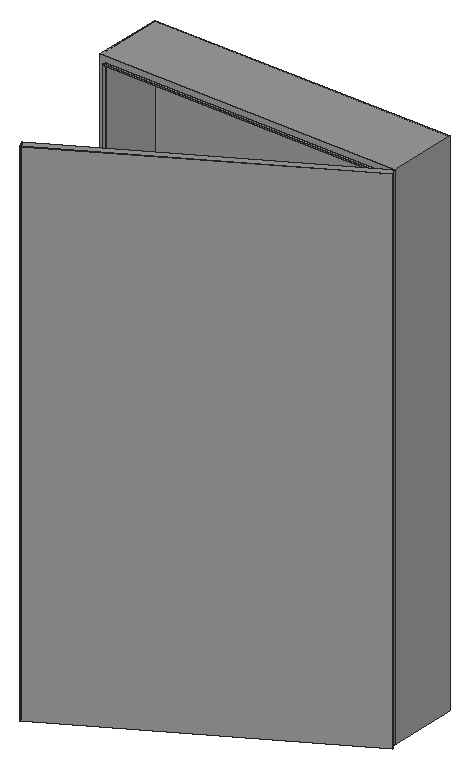
Revit family "Hager-Univers-IP54-D205-H1400-Cl.I-Encl-NoHosted-CH-de", category Equipement électrique, Revit 2020
Family settings
  Configuration du panneau = Deux colonnes, circuits au sein
  Cote de connecteur circulaire = Utiliser le diamètre
  Type d'élément = Tableau de raccordement
  Basée sur le plan de construction = Oui
  Toujours verticalement = Oui
  Couper avec des vides une fois chargée = Non
  Partagée = Non
  Point de calcul de pièce = Non
Parameters (values of type "Aufputz IP54 B800 H1400 T205  - FP93TW2")
  Width Control [instance] = if([EF000008 - Breite] > Min Width, [EF000008 - Breite], Min Width)  # 800 mm
  Commentaires du type = [HG000003 - Bereich]  # "Univers"
  Thickness Door [instance] = if([EF009171 - Materialstärke Tür/Deckel] > 3 mm, 3 mm, [EF009171 - Materialstärke Tür/Deckel])  # 1 mm
  Seal Frame Offset [instance] = 17 mm  # constant formula
  Plinth Visibility [instance] = [HG000027 - Sockelhöhe] > 0 mm  # no
  Min Width [instance] = 100 mm  # constant formula
  Min Depth [instance] = (2 * [EF009170 - Materialstärke Gehäuse]) + 1 mm  # 3 mm
  Min Height [instance] = 100 mm  # constant formula
  Internal Frame Depth [instance] = (Door System Depth * 0.5)  # 9 mm
  Panel Name [instance] = ""  # (empty or 0)
  Model = ""
  HG000027 - Sockelhöhe = 0 mm
  HG000026 - Stehend auf dem Boden = no
  HG000024 - Höhe des unteren Teils = 600 mm
  HG000023 - Gehäuse mit doppeltem Querschnitt = no
  HG000016 - 3D-Türsichtbarkeit [instance] = yes
  HG000015 - Sichtbarkeit der Türöffnung [instance] = no
  HG000014 - Tür rechts [instance] = yes
  HG000013 - Tür links [instance] = not([HG000014 - Tür rechts])  # no
  HG000012 - Türschwenkwinkel [instance] = 30.00°
  HG000010 - Asymmetrische Türen = no
  HG000009 - Doppelflügeligen Tür = no
  HG000006 - Unterputz = no
  HG000004 - Herstellerreferenz = "FP93TW2"
  HG000003 - Bereich = "Univers"
  HG000002 - Mit tür = yes
  Frame Offset Bottom [instance] = 10 mm  # constant formula
  Frame Offset [instance] = 15 mm  # constant formula
  EF015940 - Deckel mit Überdruckentlastung = no
  EF011959 - Schutzart (NEMA) = ""
  EF009554 - Anzahl der Öffnungen für Flanschplatten = 6
  EF009212 - Ausführung Deckel = "EV000116 - geschlossen"
  EF009171 - Materialstärke Tür/Deckel = 1 mm
  EF009170 - Materialstärke Gehäuse = 1 mm
  EF008873 - Nennstrom (In) = 250 A
  EF007800 - Geeignet für Blitzschutz = no
  EF006306 - Mit Schloss = no
  EF006244 - Transparenter Deckel/Tür = no
  EF005474 - Schutzart (IP) = "EV006419 - IP54"
  EF004464 - Art der Tür = "EV002646 - Einzel"
  EF004427 - Anzahl der Module = 324
  EF004293 - Schlagfestigkeit = "EV006815 - IK09"
  EF003532 - Geeignet für Außengebrauch = no
  EF002950 - Breite in Teilungseinheiten = 36
  EF001613 - Funktionserhalt = "EV000494 - ohne"
  EF001596 - Werkstoff des Gehäuses = "EV000179 - Stahl"
  EF001131 - Innentiefe = 130 mm
  EF001088 - Anbaumöglichkeit = yes
  EF000437 - Anzahl der Leitungseinführungen = 6
  EF000339 - Art der Abdeckung = "EV001012 - Deckel"
  EF000266 - Anzahl der Reihen = 9
  EF000218 - Einbautiefe = 205 mm
  EF000118 - Mit Montageplatte = no
  EF000116 - RAL-Nummer = "9010"
  EF000049 - Tiefe = 205 mm
  EF000040 - Höhe = 1400 mm
  EF000008 - Breite = 800 mm
  EF000007 - Farbe = "EV000202 - weiß"
  EF000003 - Montageart = "EV000384 - Aufputz"
  Door System Leaf Tolerance [instance] = 1.5 mm  # constant formula
  Door System Depth [instance] = 18 mm  # constant formula
  Door Height [instance] = Height Control - [HG000027 - Sockelhöhe]  # 1400 mm
  Description = ""
  Default Elevation = 1219.2 mm
  Connector Offset [instance] = Height Control / 2  # 700 mm
  Fabricant = "Hager"  # constant formula
  Height Control [instance] = if([EF000040 - Höhe] > Min Height, [EF000040 - Höhe], Min Height)  # 1400 mm
  Depth Control [instance] = if([EF000049 - Tiefe] > Min Depth, [EF000049 - Tiefe], Min Depth)  # 205 mm
  Bottom Top Plate Trim [instance] = 1.5 mm  # constant formula
  Plinth height Ctrl [instance] = if([HG000027 - Sockelhöhe] > 0 mm, [HG000027 - Sockelhöhe], 12 mm)  # 12 mm
Types (5, lengths in mm): name | Width Control | HG000009 - Doppelflügeligen Tür | HG000004 - Herstellerreferenz | EF009554 - Anzahl der Öffnungen für Flanschplatten | EF004464 - Art der Tür | EF004427 - Anzahl der Module | EF002950 - Breite in Teilungseinheiten | EF000437 - Anzahl der Leitungseinführungen | EF000008 - Breite
  Aufputz IP54 B1050 H1400 T205  - FP94TW2 | 1050 | no | "FP94TW2" | 8 | "EV003602 - Doppel" | 432 | 48 | 8 | 1050
  Aufputz IP54 B1300 H1400 T205  - FP95TW2 | 1300 | yes | "FP95TW2" | 10 | "EV003602 - Doppel" | 540 | 60 | 10 | 1300
  Aufputz IP54 B300 H1400 T205  - FP91TW2 | 300 | no | "FP91TW2" | 2 | "EV002646 - Einzel" | 108 | 12 | 2 | 300
  Aufputz IP54 B550 H1400 T205  - FP92TW2 | 550 | no | "FP92TW2" | 4 | "EV002646 - Einzel" | 216 | 24 | 4 | 550
  Aufputz IP54 B800 H1400 T205  - FP93TW2 | 800 | no | "FP93TW2" | 6 | "EV002646 - Einzel" | 324 | 36 | 6 | 800
Reference planes
  plane 1 "Center (Front/Back)": y = 0
  plane 2: z = 0
  plane 3 "Center (Left/Right)": x = 0
  plane 4: y = 0
  plane 5: y = 0
  plane 6: z = 0
  plane 7: x = -400
  plane 8: x = 400
  plane 9: x = 399
  plane 10: x = -399
  plane 11: z = 0
  plane 12: z = 1
  plane 13: y = -205
  plane 14: y = -1
  plane 15: x = 0
  plane 16: y = -187
  plane 17: y = -204
  plane 18: y = -186
  plane 19: x = -384
  plane 20: x = 384
  plane 21: z = 11
  plane 22: x = -383
  plane 23: x = 383
  plane 24: z = 0
  plane 25: z = 1400
  plane 26: z = 1400
  plane 27: z = 1384
  plane 28: z = 1399
Forms (mm)
  Extrusion 1, solid, material "Hager_Steel_RAL7035_Light_Grey", detail levels medium+fine
    sketch origin (-208.679, -4572, 0) x (-1, 0, 0) y (0, -1, 0)
      loop
        line (191.321, -4385) -> (-608.679, -4385) -> (-608.679, -4572) -> (191.321, -4572) -> (191.321, -4385)
    from 0 to 1400
  Extrusion 2, void
    sketch origin (-350.771, -205, 1219.2) x (1, 0, 0) y (0, 0, 1)
      loop
        line (-48.229, 179.8) -> (-48.229, -1218.2) -> (749.771, -1218.2) -> (749.771, 179.8) -> (-48.229, 179.8)
    from -19 to -204
  Extrusion 3, void
    sketch origin (-290.084, -187, 1219.2) x (1, 0, 0) y (0, 0, 1)
      loop
        line (-93.916, -1208.2) -> (674.084, -1208.2) -> (674.084, 164.8) -> (-93.916, 164.8) -> (-93.916, -1208.2)
    from 0 to -1
  Extrusion 4, solid, material "Hager_Steel_RAL7035_Light_Grey", visible <- "Plinth Visibility", detail levels medium+fine
    sketch origin (0, 0, 0) x (1, 0, 0) y (0, 1, 0)
      loop
        line (-400, 0) -> (-400, -187) -> (400, -187) -> (400, 0) -> (-400, 0)
    from 0 to 12 <- "Plinth height Ctrl"
  Extrusion 5, solid, material "Hager_Steel_RAL7035_Light_Grey", detail levels coarse
    sketch origin (0, 0, 0) x (1, 0, 0) y (0, 1, 0)
      loop
        line (-400, 0) -> (-400, -205) -> (400, -205) -> (400, 0) -> (-400, 0)
    from 0 to 1400 <- "Height Control"
  Sweep 6, void
    path in 3D
      loop
        line (-400, -187, 12) -> (400, -187, 12) -> (400, 0, 12) -> (-400, 0, 12) -> (-400, -187, 12)
    profile origin (-400, -93.5, 12) x (1, 0, 0) y (0, 0, 1)
      loop
        line (0, 0) -> (0, -1.5) -> (1.5, -1.5)
        arc (1.5, -1.5) -> (1.061, -0.439) -> (0, 0) r 1.5
  Extrusion 7, solid, material "Hager_Steel_RAL7035_Light_Grey", detail levels fine
    sketch origin (-400, -187, 0) x (1, 0, 0) y (0, 0, 1)
      loop
        line (16, 11) -> (784, 11) -> (784, 1384) -> (16, 1384) -> (16, 11)
      loop
        line (15, 10) -> (785, 10) -> (785, 1385) -> (15, 1385) -> (15, 10)
    from 0 to 9 <- "Internal Frame Depth"
Cuts and joins
  Extrusion 2, Extrusion 3 cuts Extrusion 1
  Sweep 6 cuts Extrusion 4
Lines and regions (mm)
  Masking region 1
    outline origin (0, 0, 0) x (1, 0, 0) y (0, 1, 0)
      loop
        line (-400, 0) -> (-400, -205) -> (400, -205) -> (400, 0) -> (-400, 0)
  Masking region 2, detail levels coarse
    outline origin (-290.084, -187, 1219.2) x (-1, 0, 0) y (0, 0, 1)
      loop
        line (-690.084, -1219.2) -> (109.916, -1219.2) -> (109.916, 180.8) -> (-690.084, 180.8) -> (-690.084, -1219.2)
  Masking region 3, detail levels coarse
    outline origin (0, 0, 0) x (0, 1, 0) y (0, 0, 1)
      loop
        line (0, 0) -> (0, 1400) -> (-205, 1400) -> (-205, 0) -> (0, 0)
  Masking region 4, visible <- "Plinth Visibility", detail levels medium+fine
    outline origin (0, 0, 0) x (0, 1, 0) y (0, 0, 1)
      loop
        line (-1.5, 12) -> (-185.5, 12)
        arc (-185.5, 12) -> (-185.939, 10.939) -> (-187, 10.5) r 1.5
        line (-187, 10.5) -> (-187, 0) -> (0, 0) -> (0, 10.5)
        arc (0, 10.5) -> (-1.061, 10.939) -> (-1.5, 12) r 1.5
  Masking region 5, detail levels medium+fine
    outline origin (0, 0, 594.038) x (0, 1, 0) y (0, 0, 1)
      loop
        line (0, -594.038) -> (0, 805.962) -> (-187, 805.962) -> (-187, -594.038) -> (0, -594.038)
  Masking region 6, detail levels medium+fine
    outline origin (-359.7, -187, 1211.883) x (-1, 0, 0) y (0, 0, 1)
      loop
        line (-759.7, -1211.883) -> (40.3, -1211.883) -> (40.3, 188.117) -> (-759.7, 188.117) -> (-759.7, -1211.883)
  Masking region 7, visible <- "Plinth Visibility", detail levels medium+fine
    outline origin (-320.334, -187, 1041.368) x (-1, 0, 0) y (0, 0, 1)
      loop
        line (-720.334, -1041.368) -> (79.666, -1041.368) -> (79.666, -1030.868)
        arc (79.666, -1030.868) -> (78.606, -1030.429) -> (78.166, -1029.368) r 1.5
        line (78.166, -1029.368) -> (-718.834, -1029.368)
        arc (-718.834, -1029.368) -> (-719.273, -1030.429) -> (-720.334, -1030.868) r 1.5
        line (-720.334, -1030.868) -> (-720.334, -1041.368)
  sketch lines
    curve 1: line (-400, 0, 12) -> (-400, -187, 12)
    curve 2: line (-400, -187, 12) -> (400, -187, 12)
    curve 3: line (400, 0, 12) -> (-400, 0, 12)
    curve 4: line (400, -187, 12) -> (400, 0, 12)
Dimensions and locks
  locked: plane 1 "Center (Front/Back)" to plane 5
  "EF009170 - Materialstärke Gehäuse": plane 7 to plane 10
  "EF009170 - Materialstärke Gehäuse": plane 8 to plane 9
  equal spacing: plane 7, plane 3 "Center (Left/Right)", plane 8
  "Width Control": plane 7 to plane 8
  "Depth Control": plane 4 to plane 13
  "EF009170 - Materialstärke Gehäuse": plane 4 to plane 14
  "Height Control": plane 25 to level
  "HG000027 - Sockelhöhe": plane 11 to level
  "EF009170 - Materialstärke Gehäuse": plane 12 to plane 11
  "EF009170 - Materialstärke Gehäuse": plane 17 to plane 13
  "EF009170 - Materialstärke Gehäuse": plane 18 to plane 16
  "Frame Offset Bottom": plane 21 to plane 12
  "Frame Offset": plane 10 to plane 19
  "Frame Offset": plane 9 to plane 20
  "Door System Depth": plane 16 to plane 13
  "Seal Frame Offset": plane 7 to plane 22
  "Seal Frame Offset": plane 8 to plane 23
  "EF009170 - Materialstärke Gehäuse": plane 26 to plane 28
  "Frame Offset": plane 28 to plane 27
  "Connector Offset": plane 2 to connector elem
  "Bottom Top Plate Trim": profile plane to Sweep 6 sketch curve
  "Bottom Top Plate Trim": Sweep 6 sketch curve to Sweep 6 sketch curve
  "Plinth height Ctrl": Masking region 4 sketch curve to level
  "Plinth height Ctrl": Masking region 7 sketch curve to level
  "Thickness Door": Extrusion 7 sketch curve to Extrusion 7 sketch curve  (x4)
  "Bottom Top Plate Trim": radius of Sweep 6 sketch curve
  "Bottom Top Plate Trim": radius of Masking region 4 sketch curve  (x2)
  "Bottom Top Plate Trim": radius of Masking region 7 sketch curve  (x2)
  aligned and locked: Extrusion 2 sketch curve to plane 12
  aligned and locked: Extrusion 2 sketch curve to plane 9
  aligned and locked: Extrusion 2 sketch curve to plane 10
  aligned and locked: Extrusion 2 to plane 14
  aligned and locked: Extrusion 1 sketch curve to plane 4
  aligned and locked: plane 8 to Extrusion 1 sketch curve
  aligned and locked: plane 7 to Extrusion 1 sketch curve
  aligned and locked: Extrusion 2 to plane 18
  aligned and locked: Extrusion 3 sketch curve to plane 19
  aligned and locked: plane 20 to Extrusion 3 sketch curve
  aligned and locked: Extrusion 3 to Extrusion 2
  aligned and locked: Extrusion 3 sketch curve to plane 21
  aligned and locked: plane 3 "Center (Left/Right)" to nested 1
  aligned and locked: Extrusion 1 sketch curve to plane 16
  aligned and locked: Extrusion 4 sketch curve to cut or joined group of Extrusion 1, Extrusion 2, Extrusion 3
  aligned and locked: Masking region 1 sketch curve to plane 7
  aligned and locked: Masking region 1 sketch curve to plane 5
  aligned and locked: Masking region 1 sketch curve to plane 8
  aligned and locked: Masking region 2 sketch curve to level
  aligned and locked: level to Masking region 3 sketch curve
  aligned and locked: plane 1 "Center (Front/Back)" to Masking region 3 sketch curve
  aligned and locked: plane 13 to Masking region 3 sketch curve
  aligned and locked: plane 5 to Masking region 4 sketch curve
  aligned and locked: Masking region 2 sketch curve to plane 8
  aligned and locked: Masking region 2 sketch curve to plane 7
  aligned and locked: plane 7 to nested 2
  aligned and locked: nested 2 to plane 5
  aligned and locked: plane 5 to Masking region 5 sketch curve
  aligned and locked: plane 26 to Masking region 5 sketch curve
  aligned and locked: Extrusion 5 sketch curve to plane 8
  aligned and locked: Extrusion 5 sketch curve to plane 7
  aligned and locked: Extrusion 5 sketch curve to plane 5
  aligned and locked: Extrusion 3 sketch curve to plane 27
  aligned and locked: Extrusion 2 sketch curve to plane 28
  aligned and locked: Masking region 2 to plane 25
  aligned and locked: Extrusion 4 to plane 16
  aligned and locked: profile plane to Sweep 6 sketch curve
  aligned and locked: Masking region 5 sketch curve to plane 24
  aligned and locked: level to Masking region 4 sketch curve
  aligned and locked: Masking region 1 to plane 13
  aligned and locked: nested 1 to plane 16
  aligned and locked: Masking region 3 to plane 25
  aligned and locked: plane 16 to Masking region 4 sketch curve
  aligned and locked: Masking region 5 sketch curve to plane 16
  aligned and locked: plane 24 to plane 11
  aligned and locked: plane 26 to plane 25
  aligned and locked: plane 26 to cut or joined group of Extrusion 1, Extrusion 2, Extrusion 3
  aligned and locked: nested 1 to plane 24
  aligned and locked: Extrusion 1 to Extrusion 3
  aligned and locked: Masking region 6 sketch curve to plane 8
  aligned and locked: Masking region 6 sketch curve to plane 24
  aligned and locked: Masking region 6 sketch curve to plane 7
  aligned and locked: Masking region 6 sketch curve to plane 26
  aligned and locked: Masking region 7 sketch curve to plane 7
  aligned and locked: level to Masking region 7 sketch curve
  aligned and locked: Masking region 7 sketch curve to plane 8
  aligned and locked: Extrusion 7 sketch curve to cut or joined group of Extrusion 1, Extrusion 2, Extrusion 3  (x4)
Automatic sketch dimensions
  plane 19 to Extrusion 3 sketch curve = 0 mm
  Extrusion 3 sketch curve to plane 20 = 0 mm
  Extrusion 3 sketch curve to plane 21 = 0 mm
  Extrusion 4 sketch curve to plane 7 = 0 mm
  Extrusion 4 sketch curve to plane 8 = 0 mm
  Extrusion 4 sketch curve to plane 16 = 0 mm
  Masking region 1 sketch curve to plane 13 = 0 mm
  Masking region 2 sketch curve to plane 25 = 0 mm
  Masking region 3 sketch curve to plane 25 = 0 mm
  Extrusion 5 sketch curve to plane 13 = 0 mm
  profile plane to Sweep 6 sketch curve = 0 mm
Nested families
  nested 1: "EC000058_Univers_Door" at (0, -187, 0), Double <- "HG000009 - Doppelflügeligen Tür", Transparent <- "EF006244 - Transparenter Deckel/Tür", Angle <- "HG000012 - Türschwenkwinkel", Door_Right <- "HG000014 - Tür rechts", Assymetrical <- "HG000010 - Asymmetrische Türen", Door <- "HG000002 - Mit tür", Width_Ctrl <- "Width Control", 3d_Door <- "HG000016 - 3D-Türsichtbarkeit", Clearance <- "HG000015 - Sichtbarkeit der Türöffnung", Door_Left <- "HG000013 - Tür links", Width <- "Width Control", Door_Depth <- "Door System Depth", Leaf_Tolerance <- "Door System Leaf Tolerance", Height <- "Door Height", Lock_Visibility <- "EF006306 - Mit Schloss", Thickness <- "Thickness Door", type "EC000058_Univers_Door", detail levels medium+fine
    with min_wh 3 mm, Width_Ctrl 800 mm, Width 800 mm, Transparent no, Thickness 1 mm, Seal_Material Hager_Rubber, Lock_Visibility no, Lock_Material Hager_Plastic_RAL9005_Jet_Black, Leaf_Width 800 mm, Leaf_Tolerance_External_Sides 0 mm, Leaf_Tolerance 1.5 mm, Leaf_Offset 0 mm, Leaf_Height 1397 mm, Leaf_2_Width 800 mm, Leaf_2_Offset 400 mm, Leaf_1_Width 800 mm, Leaf_1_Offset 400 mm, Height_Ctrl 1400 mm, Height 1400 mm, Glass_Material Hager_Glass, Double_Clearance_Ctrl no, Double no, Door_Right_Ctrl yes, Door_Right yes, Door_Material Hager_Steel_RAL7035_Light_Grey, Door_Left_Ctrl no, Door_Left no, Door_Depth 18 mm, Door yes, Clearance_Material Hager_Clearance, Clearance_Depth 800 mm, Clearance_Ctrl no, Clearance no, Assymetrical no, Angle 30.00°, 3d_Door yes
  nested 2: "Hager_Enclosure_Symbol" at (-400, 0, 0), Height <- "Depth Control", Width <- "Width Control", type "Hager_Enclosure_Symbol"
    with Width_Ctrl 800 mm, Width 800 mm, Height_Ctrl 205 mm, Height 205 mm, A_Width_Int 13.453 mm, A_Width 161.438 mm, A_Height_Ctrl 179.375 mm, A_Height 179.375 mm
Connectors
  electrical at (0, 0, 700)
    settings: on plane 1 "Center (Front/Back)", index 1, voltage 0 V, apparent load 0 VA, apparent load phase1 0 VA, apparent load phase2 0 VA, apparent load phase3 0 VA, power factor 1, load classification "Other", number of poles 1, system type 30, power factor state 1, is connector primary yes, connector utility no, sub classification motor no, connector description ""
Definition of nested family "EC000058_Univers_Door"
  Parameters (values of type "EC000058_Univers_Door")
    min_wh [instance] = (2 * Thickness) + 1 mm  # 11 mm
    Width_Ctrl [instance] = 400 mm
    Width [instance] = 500 mm
    Transparent [instance] = yes
    Thickness [instance] = 5 mm
    Seal_Material [instance] = none
    Lock_Visibility [instance] = yes
    Lock_Material [instance] = none
    Leaf_Width [instance] = if((Width_Ctrl - 2 * Leaf_Tolerance_External_Sides) > 0 mm, (Width_Ctrl - 2 * Leaf_Tolerance_External_Sides), min_wh)  # 400 mm
    Leaf_Tolerance_External_Sides [instance] = 0 mm  # constant formula
    Leaf_Tolerance [instance] = 1.5 mm
    Leaf_Offset [instance] = 0 mm  # constant formula
    Leaf_Height [instance] = if((Height_Ctrl - 2 * Leaf_Tolerance) > 0 mm, (Height_Ctrl - 2 * Leaf_Tolerance), min_wh)  # 497 mm
    Leaf_2_Width [instance] = if(and(and(Double, Assymetrical), Door_Left), (Leaf_Width / 3) - (Leaf_Tolerance / 2), if(and(and(Double, Assymetrical), Door_Right), (Leaf_Width / 3) * 2 - (Leaf_Tolerance / 2), if(and(Double, not(Assymetrical)), (Leaf_Width / 2) - Leaf_Tolerance, Leaf_Width)))  # 400 mm
    Leaf_2_Offset [instance] = if(and(Double, Assymetrical), Leaf_2_Width / 2, if(and(Double, not(Assymetrical)), Leaf_Width / 4, Leaf_Width / 2))  # 200 mm
    Leaf_1_Width [instance] = if(and(and(Double, Assymetrical), Door_Right), (Leaf_Width / 3) - (Leaf_Tolerance / 2), if(and(and(Double, Assymetrical), Door_Left), (Width / 3) * 2 - (Leaf_Tolerance / 2), if(and(Double, not(Assymetrical)), (Leaf_Width / 2) - Leaf_Tolerance, Leaf_Width)))  # 400 mm
    Leaf_1_Offset [instance] = if(and(Double, Assymetrical), Leaf_1_Width / 2, if(and(Double, not(Assymetrical)), Leaf_Width / 4, Leaf_Width / 2))  # 200 mm
    Height_Ctrl [instance] = if(Height > min_wh, Height, min_wh)  # 500 mm
    Height [instance] = 500 mm
    Glass_Material [instance] = none
    Double_Clearance_Ctrl [instance] = and(Double, Clearance)  # no
    Double [instance] = no
    Door_Right_Ctrl [instance] = and(or(Door_Right, Double), Door)  # yes
    Door_Right [instance] = yes
    Door_Material [instance] = none
    Door_Left_Ctrl [instance] = and(or(Door_Left, Double), Door)  # no
    Door_Left [instance] = no
    Door_Depth [instance] = 30 mm
    Door [instance] = yes
    Default Elevation = 1219.2 mm
    Clearance_Material [instance] = none
    Clearance_Depth [instance] = if(Leaf_1_Width > Leaf_2_Width, Leaf_1_Width, Leaf_2_Width)  # 400 mm
    Clearance_Ctrl [instance] = and(not(Double), Clearance)  # yes
    Clearance [instance] = yes
    Assymetrical [instance] = yes
    Angle [instance] = 30.00°
    3d_Door [instance] = yes
  Reference planes
    plane 1 "Center (Front/Back)": y = 0
    plane 2 "Bottom": z = 0
    plane 3 "Center (Left/Right)": x = 0
    plane 4: z = 500
    plane 5: x = -200
    plane 6: x = 200
    plane 7: z = 500
    plane 8: x = -200
    plane 9: z = 0
    plane 10: x = 200
    plane 11: y = 0
    plane 12: z = 1.5
    plane 13: x = -600
    plane 14: y = -400
    plane 15: x = 600
    plane 16: x = 0
    plane 17: x = 0
    plane 18: x = -200
    plane 19: x = 200
    plane 20: z = 498.5
  Forms (mm)
    Extrusion 1, solid, material <- "Clearance_Material", visible <- "Double_Clearance_Ctrl"
      sketch origin (1200, 0, 0) x (1, 0, 0) y (0, 0, -1)
        loop
          line (-1800, -498.5) -> (-600, -498.5) -> (-600, 0) -> (-1800, 0) -> (-1800, -498.5)
      from 0 to -400
  Dimensions and locks
    equal spacing: plane 5, plane 3 "Center (Left/Right)", plane 6
    "Width_Ctrl": plane 5 to plane 6
    "Leaf_Offset": plane 5 to plane 8
    "Leaf_Offset": plane 6 to plane 10
    "Leaf_Offset": plane 9 to level
    "Leaf_Offset": plane 4 to plane 7
    "Height_Ctrl": plane 4 to level
    "Leaf_Tolerance": plane 12 to plane 9
    locked: plane 11 to plane 1 "Center (Front/Back)"
    "Leaf_1_Offset": plane 18 to plane 16
    "Leaf_2_Offset": plane 17 to plane 19
    "Leaf_1_Width": plane 13 to plane 8
    "Leaf_2_Width": plane 10 to plane 15
    "Clearance_Depth": plane 14 to plane 1 "Center (Front/Back)"
    "Leaf_Tolerance_External_Sides": plane 8 to plane 18
    "Leaf_Tolerance_External_Sides": plane 19 to plane 10
    "Leaf_Tolerance": plane 7 to plane 20
    aligned and locked: level to plane 2 "Bottom"
    aligned and locked: nested 1 to plane 16
    aligned and locked: nested 2 to plane 17
    aligned and locked: Extrusion 1 to plane 13
    aligned and locked: plane 15 to Extrusion 1
    aligned and locked: Extrusion 1 to plane 14
    aligned and locked: plane 12 to nested 1
    aligned and locked: nested 2 to plane 12
    aligned and locked: Extrusion 1 to plane 11
    aligned and locked: plane 20 to Extrusion 1
    aligned and locked: nested 2 to plane 11
    aligned and locked: nested 1 to plane 11
  Automatic sketch dimensions
    Extrusion 1 sketch curve to level = 0 mm
    plane 5 to Extrusion 1 sketch curve = 400 mm
    plane 6 to Extrusion 1 sketch curve = 400 mm
    Extrusion 1 sketch curve to plane 4 = 1.5 mm
  Nested families
    nested 1: "EC000058_Univers_Door_Leaf" at (0, 0, 1.5), Width <- "Leaf_1_Width", visible <- "Door_Left_Ctrl", Leaf_Height <- "Leaf_Height", Angle <- "Angle", 3d_Door <- "3d_Door", Transparent <- "Transparent", Clearance Material <- "Clearance_Material", Clearance <- "Clearance_Ctrl", Door_Material <- "Door_Material", Glass_Material <- "Glass_Material", Door_Depth <- "Door_Depth", Lock_Material <- "Lock_Material", Seal_Material <- "Seal_Material", Lock_Visibility <- "Lock_Visibility", Thickness <- "Thickness", type "EC000058_Univers_Door_Leaf"
      with Width 400 mm, Transparent_Glass_Offset 30 mm, Transparent_Ctrl yes, Transparent yes, Thickness 5 mm, Standard no, Seal_Material none, Seal_D2 8 mm, Seal_D1 1 mm, Offset_Internal_Frame 10 mm, Lock_Width 20 mm, Lock_Visibility_3d yes, Lock_Visibility yes, Lock_Thickness_3 3 mm, Lock_Thickness_2 1 mm, Lock_Thickness_1 3 mm, Lock_Radius_Offset_2 16 mm, Lock_Radius_Offset_1 15 mm, Lock_Radius_2 5 mm, Lock_Radius 6 mm, Lock_Offset 5 mm, Lock_Material none, Lock_Height 80 mm, Lock_Cover_Top_Offset_2d 17 mm, Lock_Cover_Height -65 mm, Leaf_Height 497 mm, Internal_Seal_Thickness 8 mm, Internal_Seal_Depth_2 4.5 mm, Internal_Frame_Depth 25 mm, Glass_Thickness -1 mm, Glass_Offset -2 mm, Glass_Material none, Door_Material none, Door_Depth 30 mm, Clearance Material none, Clearance yes, Angle_Ctrl 30.00°, Angle 30.00°, 3d_Door yes
    nested 2: "EC000058_Univers_Door_Leaf" at (0, 0, 1.5) x (-1, 0, 0) z (0, 0, 1), Width <- "Leaf_2_Width", visible <- "Door_Right_Ctrl", Leaf_Height <- "Leaf_Height", Angle <- "Angle", 3d_Door <- "3d_Door", Transparent <- "Transparent", Clearance Material <- "Clearance_Material", Clearance <- "Clearance_Ctrl", Door_Material <- "Door_Material", Glass_Material <- "Glass_Material", Door_Depth <- "Door_Depth", Lock_Material <- "Lock_Material", Seal_Material <- "Seal_Material", Lock_Visibility <- "Lock_Visibility", Thickness <- "Thickness", type "EC000058_Univers_Door_Leaf"
      with Width 400 mm, Transparent_Glass_Offset 30 mm, Transparent_Ctrl yes, Transparent yes, Thickness 5 mm, Standard no, Seal_Material none, Seal_D2 8 mm, Seal_D1 1 mm, Offset_Internal_Frame 10 mm, Lock_Width 20 mm, Lock_Visibility_3d yes, Lock_Visibility yes, Lock_Thickness_3 3 mm, Lock_Thickness_2 1 mm, Lock_Thickness_1 3 mm, Lock_Radius_Offset_2 16 mm, Lock_Radius_Offset_1 15 mm, Lock_Radius_2 5 mm, Lock_Radius 6 mm, Lock_Offset 5 mm, Lock_Material none, Lock_Height 80 mm, Lock_Cover_Top_Offset_2d 17 mm, Lock_Cover_Height -65 mm, Leaf_Height 497 mm, Internal_Seal_Thickness 8 mm, Internal_Seal_Depth_2 4.5 mm, Internal_Frame_Depth 25 mm, Glass_Thickness -1 mm, Glass_Offset -2 mm, Glass_Material none, Door_Material none, Door_Depth 30 mm, Clearance Material none, Clearance yes, Angle_Ctrl 30.00°, Angle 30.00°, 3d_Door yes
  Definition of nested family "EC000058_Univers_Door_Leaf"
    Parameters (values of type "EC000058_Univers_Door_Leaf")
      Width [instance] = 2000 mm
      Transparent_Glass_Offset [instance] = 30 mm
      Transparent_Ctrl [instance] = and(Transparent, [3d_Door])  # yes
      Transparent [instance] = yes
      Thickness [instance] = 5 mm
      Standard [instance] = and(not(Transparent), [3d_Door])  # no
      Seal_Material [instance] = none
      Seal_D2 [instance] = 8 mm  # constant formula
      Seal_D1 [instance] = 1 mm  # constant formula
      Offset_Internal_Frame [instance] = 10 mm  # constant formula
      Lock_Width [instance] = 20 mm  # constant formula
      Lock_Visibility_3d [instance] = and(Lock_Visibility, [3d_Door])  # yes
      Lock_Visibility [instance] = yes
      Lock_Thickness_3 [instance] = 3 mm  # constant formula
      Lock_Thickness_2 [instance] = 1 mm  # constant formula
      Lock_Thickness_1 [instance] = 3 mm  # constant formula
      Lock_Radius_Offset_2 [instance] = Lock_Radius_Offset_1 + 1 mm  # 16 mm
      Lock_Radius_Offset_1 [instance] = 15 mm  # constant formula
      Lock_Radius_2 [instance] = Lock_Radius - 1 mm  # 5 mm
      Lock_Radius [instance] = 6 mm  # constant formula
      Lock_Offset [instance] = 5 mm  # constant formula
      Lock_Material [instance] = none
      Lock_Height [instance] = 80 mm  # constant formula
      Lock_Cover_Top_Offset_2d [instance] = Lock_Radius_Offset_2 + 1 mm  # 17 mm
      Lock_Cover_Height [instance] = -(Lock_Height - Lock_Radius_Offset_1)  # -65 mm
      Leaf_Height [instance] = 2720.336 mm
      Internal_Seal_Thickness [instance] = 8 mm  # constant formula
      Internal_Seal_Depth_2 [instance] = 4.5 mm  # constant formula
      Internal_Frame_Depth [instance] = if(Door_Depth - Thickness > 5 mm, Door_Depth - Thickness, 5 mm)  # 25 mm
      Glass_Thickness [instance] = if(Thickness > 15 mm, Glass_Offset + 10 mm, -1 mm)  # -1 mm
      Glass_Offset [instance] = if(Thickness > 15 mm, -(Thickness + 10 mm) / 2, -2 mm)  # -2 mm
      Glass_Material [instance] = none
      Door_Material [instance] = none
      Door_Depth [instance] = 30 mm
      Default Elevation = 0 mm
      Clearance Material [instance] = none
      Clearance [instance] = yes
      Angle_Ctrl [instance] = if(Angle > 180.00°, 180.00°, Angle)  # 90.00°
      Angle [instance] = 90.00°
      3d_Door [instance] = yes
    Reference planes
      plane 1 "Center (Front/Back)": y = 0
      plane 2: z = 0
      plane 3 "Center (Left/Right)": x = 0
      plane 4: y = 2000
      plane 5: x = -1000
      plane 6: x = 1000
      plane 7: x = -3000
      plane 8: z = 2720.336
      plane 9: z = 30
      plane 10: z = 2690.336
      plane 11: x = 970
      plane 12: x = -970
      plane 13: y = -3
      plane 14: z = 107.833
      plane 15: y = -5
      plane 16: y = -223.314
      plane 17: x = -1000
      plane 18: z = 1360.168
      plane 19: y = 30
    Forms (mm)
      Extrusion 1, solid, material <- "Clearance Material", visible <- "Clearance"
        sketch origin (0, 0, 0) x (1, 0, 0) y (0, 0, 1)
          loop
            line (-3000, 2720.336) -> (-3000, 0) -> (1000, 0) -> (1000, 2720.336) -> (-3000, 2720.336)
        from 0 to -2000
      Extrusion 2, solid, material <- "Door_Material", visible <- "Standard", detail levels medium+fine
        sketch origin (-1000, 0, 0) x (0, 1, 0) y (-1, 0, 0)
          loop
            line (0, 30) -> (0, 25) -> (2000, 25) -> (2000, 30) -> (0, 30)
        from 0 to 2720.336 <- "Leaf_Height"
      Extrusion 3, solid, material <- "Door_Material", visible <- "Transparent_Ctrl", detail levels medium+fine
        sketch origin (-1000, 0, 0) x (0, 1, 0) y (-1, 0, 0)
          loop
            line (0, 25) -> (2000, 25) -> (2000, 30) -> (0, 30) -> (0, 25)
        from 0 to 2720.336 <- "Leaf_Height"
      Extrusion 4, void
        sketch origin (-1025, 2000, 0) x (0, 1, 0) y (0, 0, -1)
          loop
            line (-30, -2690.336) -> (-30, -30) -> (-1970, -30) -> (-1970, -2690.336) -> (-30, -2690.336)
        from 0 to 5 <- "Thickness"
      Sweep 5, solid, material <- "Seal_Material", visible <- "Transparent_Ctrl", detail levels fine
        path in 3D
          loop
            line (-1025, 30, 30) -> (-1025, 30, 2690.336) -> (-1025, 1970, 2690.336) -> (-1025, 1970, 30) -> (-1025, 30, 30)
        profile origin (-1025, 1000, 30) x (1, 0, 0) y (0, 0, 1)
          loop
            line (0, 0) -> (0, -8) -> (1, -8) -> (1, 0) -> (0, 0)
      Extrusion 6, solid, material <- "Glass_Material", visible <- "Transparent_Ctrl", detail levels medium+fine
        sketch origin (-1030, 0, 0) x (0, 1, 0) y (0, 0, -1)
          loop
            line (1970, -2690.336) -> (1970, -30) -> (30, -30) -> (30, -2690.336) -> (1970, -2690.336)
        from -2 <- "Glass_Offset" to -1 <- "Glass_Thickness"
      Extrusion 7, solid, material <- "Door_Material", visible <- "3d_Door", detail levels medium+fine
        sketch origin (-1025, 2000, 0) x (0, -1, 0) y (0, 0, -1)
          loop
            line (0, -2720.336) -> (2000, -2720.336) -> (2000, 0) -> (0, 0) -> (0, -2720.336)
          loop
            line (1995, -5) -> (5, -5) -> (5, -2715.336) -> (1995, -2715.336) -> (1995, -5)
        from 0 to 25 <- "Internal_Frame_Depth"
      Sweep 8, solid, material <- "Seal_Material", visible <- "Transparent_Ctrl", detail levels fine
        path in 3D
          loop
            line (-1025, 0, 0) -> (-1025, 2000, 0) -> (-1025, 2000, 2720.336) -> (-1025, 0, 2720.336) -> (-1025, 0, 0)
        profile origin (-1025, 0, 1360.168) x (1, 0, 0) y (0, 1, 0)
          loop
            line (0, 10) -> (2.975, 10)
            arc (2.975, 10) -> (4.053, 10.447) -> (4.5, 11.525) r 1.525
            line (4.5, 11.525) -> (4.5, 16.527)
            arc (4.5, 16.527) -> (4.069, 17.569) -> (3.027, 18) r 1.473
            line (3.027, 18) -> (0, 18) -> (0, 10)
      Extrusion 9, solid, material <- "Lock_Material", visible <- "Lock_Visibility_3d", detail levels fine
        sketch origin (-1030, 0, 0) x (0, 1, 0) y (0, 0, -1)
          loop
            arc (1993.5, -1400.168) -> (1994.561, -1399.729) -> (1995, -1398.668) r 1.5
            line (1995, -1398.668) -> (1995, -1320.168) -> (1975, -1320.168) -> (1975, -1398.668)
            arc (1975, -1398.668) -> (1975.439, -1399.729) -> (1976.5, -1400.168) r 1.5
            line (1976.5, -1400.168) -> (1993.5, -1400.168)
        from 3 <- "Lock_Thickness_1" to 0
      Blend 10, solid, material <- "Lock_Material", visible <- "Lock_Visibility_3d", detail levels fine
        base sketch origin (-1033, 0, 0) x (0, 1, 0) y (0, 0, -1)
          loop
            line (1975, -1320.168) -> (1975, -1398.668)
            arc (1975, -1398.668) -> (1975.439, -1399.729) -> (1976.5, -1400.168) r 1.5
            line (1976.5, -1400.168) -> (1993.5, -1400.168)
            arc (1993.5, -1400.168) -> (1994.561, -1399.729) -> (1995, -1398.668) r 1.5
            line (1995, -1398.668) -> (1995, -1320.168) -> (1975, -1320.168)
        top sketch origin (-1033, 0, 0) x (0, 1, 0) y (0, 0, -1)
          loop
            line (1976, -1320.168) -> (1976, -1398.668)
            arc (1976, -1398.668) -> (1976.146, -1399.022) -> (1976.5, -1399.168) r 0.5
            line (1976.5, -1399.168) -> (1993.5, -1399.168)
            arc (1993.5, -1399.168) -> (1993.854, -1399.022) -> (1994, -1398.668) r 0.5
            line (1994, -1398.668) -> (1994, -1320.168) -> (1976, -1320.168)
        from 0 to 1 <- "Lock_Thickness_2"
      Blend 11, solid, material <- "Lock_Material", visible <- "Lock_Visibility_3d", detail levels fine
        base sketch origin (-1034, 0, 0) x (0, 1, 0) y (0, 0, -1)
          loop
            line (1978, -1320.168) -> (1978, -1384.168)
            arc (1978, -1384.168) -> (1985, -1391.168) -> (1992, -1384.168) r 7
            line (1992, -1384.168) -> (1992, -1320.168) -> (1978, -1320.168)
        top sketch origin (-1034, 0, 0) x (0, 1, 0) y (0, 0, -1)
          loop
            line (1991, -1320.168) -> (1979, -1320.168) -> (1979, -1383.168)
            arc (1979, -1383.168) -> (1985, -1389.168) -> (1991, -1383.168) r 6
            line (1991, -1383.168) -> (1991, -1320.168)
        from 0 to 3 <- "Lock_Thickness_3"
      Extrusion 12, solid, material <- "Lock_Material", visible <- "Lock_Visibility_3d", detail levels fine
        sketch origin (-1030, 1975, 1320.168) x (1, 0, 0) y (0, -1, 0)
          loop
            line (-7, -19) -> (-7, -1) -> (0, -1) -> (0, 0) -> (-8, 0) -> (-8, -20) -> (0, -20) -> (0, -19) -> (-7, -19)
        from 0 to -65 <- "Lock_Cover_Height"
      Extrusion 13, void
        sketch origin (-1038, 1995, 1320.168) x (-1, 0, 0) y (0, 0, -1)
          loop
            line (-5, -65) -> (0, -65) -> (-5, -60) -> (-5, -65)
        from 0 to 20 <- "Lock_Width"
      Extrusion 14, void
        sketch origin (-1038, 1975, 1320.168) x (0, -1, 0) y (0, 0, -1)
          loop
            circle (-10, -15.995) r 6
          loop
            circle (-10, -15.995) r 5
        from 0 to 2
      Extrusion 15, solid, material <- "Lock_Material", visible <- "Lock_Visibility_3d", detail levels medium
        sketch origin (-1030, 0, 0) x (0, 1, 0) y (0, 0, -1)
          loop
            arc (1993.5, -1400.168) -> (1994.561, -1399.729) -> (1995, -1398.668) r 1.5
            line (1995, -1398.668) -> (1995, -1320.168) -> (1975, -1320.168) -> (1975, -1398.668)
            arc (1975, -1398.668) -> (1975.439, -1399.729) -> (1976.5, -1400.168) r 1.5
            line (1976.5, -1400.168) -> (1993.5, -1400.168)
        from 8 to 0
    Cuts and joins
      Extrusion 4 cuts Extrusion 3
      Extrusion 13, Extrusion 14 cuts Extrusion 9
      Extrusion 14 cuts Blend 11
      Extrusion 13, Extrusion 14 cuts Extrusion 12
      joined: Extrusion 9, Blend 10, Blend 11, Extrusion 12
      Extrusion 14 cuts Extrusion 15
    Lines and regions (mm)
      Masking region 1, visible <- "Lock_Visibility", detail levels fine
        outline origin (0, 0, 0) x (0, 1, 0) y (0, 0, 1)
          loop
            line (30, 1320.168) -> (33, 1320.168) -> (33, 1400.168) -> (30, 1400.168) -> (30, 1320.168)
      Masking region 2, visible <- "Lock_Visibility", detail levels fine
        outline origin (0, 3.143, 0) x (0, 1, 0) y (0, 0, 1)
          loop
            line (29.857, 1354.168) -> (30.857, 1354.168) -> (30.857, 1366.168) -> (29.857, 1366.168) -> (29.857, 1354.168)
      Masking region 3, detail levels medium+fine
        outline origin (0, 0, 0) x (0, 1, 0) y (0, 0, 1)
          loop
            line (0, 0) -> (30, 0) -> (30, 2720.336) -> (0, 2720.336) -> (0, 0)
      Masking region 4, detail levels medium+fine
        outline origin (0, 0, 0) x (1, 0, 0) y (0, 0, 1)
          loop
            line (-1000, 2720.336) -> (-1000, 0) -> (1000, 0) -> (1000, 2720.336) -> (-1000, 2720.336)
      Masking region 5, visible <- "Lock_Visibility", detail levels fine
        outline origin (-47.116, 0, 0) x (1, 0, 0) y (0, 0, 1)
          loop
            arc (1024.616, 1399.168) -> (1023.556, 1398.729) -> (1023.116, 1397.668) r 1.5
            line (1023.116, 1397.668) -> (1023.116, 1320.168) -> (1041.116, 1320.168) -> (1041.116, 1397.668)
            arc (1041.116, 1397.668) -> (1040.677, 1398.729) -> (1039.616, 1399.168) r 1.5
            line (1039.616, 1399.168) -> (1024.616, 1399.168)
      Masking region 6, visible <- "Lock_Visibility", detail levels medium+fine
        outline origin (-25, 0, 0) x (1, 0, 0) y (0, 0, 1)
          loop
            arc (1001.5, 1400.168) -> (1000.439, 1399.729) -> (1000, 1398.668) r 1.5
            line (1000, 1398.668) -> (1000, 1320.168) -> (1020, 1320.168) -> (1020, 1398.668)
            arc (1020, 1398.668) -> (1019.561, 1399.729) -> (1018.5, 1400.168) r 1.5
            line (1018.5, 1400.168) -> (1001.5, 1400.168)
      Masking region 7, visible <- "Lock_Visibility", detail levels fine
        outline origin (-73.735, 0, 0) x (1, 0, 0) y (0, 0, 1)
          loop
            line (1051.735, 1382.168) -> (1065.735, 1382.168) -> (1065.735, 1384.168)
            arc (1065.735, 1384.168) -> (1058.735, 1391.168) -> (1051.735, 1384.168) r 7
            line (1051.735, 1384.168) -> (1051.735, 1382.168)
      Masking region 8, visible <- "Lock_Visibility", detail levels fine
        outline origin (-73.735, 0, 0) x (1, 0, 0) y (0, 0, 1)
          loop
            line (1052.735, 1382.168) -> (1064.735, 1382.168) -> (1064.735, 1383.168)
            arc (1064.735, 1383.168) -> (1058.735, 1389.168) -> (1052.735, 1383.168) r 6
            line (1052.735, 1383.168) -> (1052.735, 1382.168)
      Masking region 9, visible <- "Lock_Visibility", detail levels fine
        outline origin (-25, 0, 0) x (1, 0, 0) y (0, 0, 1)
          loop
            line (1020, 1320.168) -> (1020, 1382.168) -> (1000, 1382.168) -> (1000, 1320.168) -> (1020, 1320.168)
      Masking region 10, detail levels medium+fine
        outline origin (0, 0, 0) x (1, 0, 0) y (0, 0, 1)
          loop
            circle (985, 1335.144) r 6
      Masking region 11, detail levels fine
        outline origin (0, 0, 0) x (1, 0, 0) y (0, 0, 1)
          loop
            circle (985, 1335.144) r 5
      Masking region 12, visible <- "Lock_Visibility", detail levels fine
        outline origin (0, 12.767, 0) x (0, 1, 0) y (0, 0, 1)
          loop
            line (20.233, 1320.168) -> (21.233, 1320.168) -> (21.233, 1399.168) -> (20.233, 1400.168) -> (20.233, 1320.168)
      Masking region 13, visible <- "Lock_Visibility", detail levels fine
        outline origin (0, 13.767, -10) x (0, 1, 0) y (0, 0, 1)
          loop
            line (20.233, 1330.168) -> (23.233, 1330.168) -> (23.233, 1399.168) -> (20.233, 1402.168) -> (20.233, 1330.168)
      Masking region 14, visible <- "Lock_Visibility", detail levels fine
        outline origin (0, 12.767, -10) x (0, 1, 0) y (0, 0, 1)
          loop
            line (20.233, 1330.168) -> (25.233, 1330.168) -> (25.233, 1399.305) -> (20.233, 1394.305) -> (20.233, 1330.168)
      Masking region 15, visible <- "Lock_Visibility", detail levels medium
        outline origin (0, 0, 0) x (0, 1, 0) y (0, 0, 1)
          loop
            line (30, 1320.168) -> (38, 1320.168) -> (38, 1400.168) -> (30, 1400.168) -> (30, 1320.168)
      Masking region 16, visible <- "Lock_Visibility", detail levels fine
        outline origin (-1000, 0, 0) x (0, 1, 0) y (-1, 0, 0)
          loop
            line (1975, 30) -> (1995, 30) -> (1995, 38) -> (1975, 38) -> (1975, 30)
          loop
            line (1979, 37) -> (1976, 37) -> (1976, 34) -> (1978, 34) -> (1979, 37)
          loop
            line (1994, 37) -> (1991, 37) -> (1992, 34) -> (1994, 34) -> (1994, 37)
      Masking region 17, visible <- "Lock_Visibility", detail levels medium
        outline origin (-1000, 0, 0) x (0, 1, 0) y (-1, 0, 0)
          loop
            line (1975, 30) -> (1995, 30) -> (1995, 38) -> (1975, 38) -> (1975, 30)
      symbolic lines
        curve 1: line (1000, 0, 0) -> (-3000, 0, 0)
        curve 2: arc (1000, 0, 0) -> (-1000, 2000, 0) -> (-3000, 0, 0) r 2000
        curve 4: line (-1030, 0, 0) -> (-1030, 2000, 0)
      reference lines
        curve 3: line (-1000, 0, 0) -> (-1000, 2000, 0)
      symbolic lines, detail levels medium+fine
        curve 5: line (-1030, 2000, 0) -> (-1025, 2000, 0)
        curve 7: line (-1025, 0, 0) -> (-1030, 0, 0)
        curve 8: line (-1025, 0, 0) -> (-1000, 0, 0)
        curve 9: line (-1000, 0, 0) -> (-1000, 2000, 0)
        curve 10: line (-1000, 2000, 0) -> (-1025, 2000, 0)
      symbolic lines, detail levels fine
        curve 6: line (-1025, 2000, 0) -> (-1025, 0, 0)
      sketch lines
        curve 11: line (-1025, 0, 2720.336) -> (-1025, 0, 0)
        curve 12: line (-1025, 2000, 0) -> (-1025, 0, 0)
        curve 13: line (-1025, 2000, 2720.336) -> (-1025, 2000, 0)
        curve 14: line (-1025, 0, 2720.336) -> (-1025, 2000, 2720.336)
        curve 15: line (-1025, 1970, 30) -> (-1025, 30, 30)
        curve 16: line (-1025, 30, 30) -> (-1025, 30, 2690.336)
        curve 17: line (-1025, 1970, 2690.336) -> (-1025, 1970, 30)
        curve 18: line (-1025, 30, 2690.336) -> (-1025, 1970, 2690.336)
      symbolic lines, visible <- "Transparent", detail levels medium+fine
        curve 19: line (-970, 0, 2690.336) -> (970, 0, 2690.336)
        curve 20: line (-970, 0, 30) -> (-970, 0, 2690.336)
        curve 21: line (970, 0, 30) -> (-970, 0, 30)
        curve 22: line (970, 0, 2690.336) -> (970, 0, 30)
    Dimensions and locks
      "Width": plane 1 "Center (Front/Back)" to plane 4
      equal spacing: plane 5, plane 3 "Center (Left/Right)", plane 6
      "Width": plane 5 to plane 6
      "Width": plane 7 to plane 5
      "Leaf_Height": plane 8 to level
      "Width": curve 5 to curve 3
      "Width": curve 3 to curve 3
      plane 8 to plane 10 = 30 mm
      plane 9 to level = 30 mm
      plane 12 to plane 5 = 30 mm
      plane 6 to plane 11 = 30 mm
      Extrusion 1 to Extrusion 4 sketch curve = 30 mm
      "Transparent_Glass_Offset": curve 3 to Extrusion 4 sketch curve
      "Transparent_Glass_Offset": Extrusion 4 sketch curve to cut or joined group of Extrusion 3, Extrusion 4  (x2)
      cut or joined group of Extrusion 3, Extrusion 4 to Extrusion 6 sketch curve = 30 mm
      "Transparent_Glass_Offset": cut or joined group of Extrusion 3, Extrusion 4 to Extrusion 4 sketch curve
      "Thickness": curve 6 to curve 4
      "Thickness": Extrusion 7 sketch curve to Extrusion 7 sketch curve  (x4)
      "Door_Depth": curve 4 to curve 3
      "Offset_Internal_Frame": profile plane to Sweep 8 sketch curve
      "Internal_Seal_Thickness": Sweep 8 sketch curve to Sweep 8 sketch curve
      "Internal_Seal_Depth_2": profile plane to Sweep 8 sketch curve
      "Seal_D1": profile plane to Sweep 5 sketch curve
      "Seal_D2": profile plane to Sweep 5 sketch curve
      "Thickness": Extrusion 2 sketch curve to Extrusion 2 sketch curve
      equal spacing: Extrusion 9 sketch curve, plane 18, Extrusion 9 sketch curve  (x2)
      equal spacing: Masking region 1 sketch curve, plane 18, Masking region 1 sketch curve
      "Lock_Height": Masking region 1 sketch curve to Masking region 1 sketch curve
      "Lock_Radius": Masking region 2 sketch curve to plane 18 to Masking region 2 sketch curve
      Masking region 2 sketch curve to Masking region 1 = 1 mm
      "Door_Depth": plane 19 to plane 1 "Center (Front/Back)"
      "Lock_Thickness_1": Masking region 1 sketch curve to plane 19
      "Lock_Width": Extrusion 9 sketch curve to Extrusion 9 sketch curve
      "Lock_Height": Extrusion 9 sketch curve to Extrusion 9 sketch curve
      "Lock_Offset": cut or joined group of Extrusion 3, Extrusion 4 to Extrusion 9 sketch curve
      equal spacing: plane 8, plane 18, level
      "Lock_Radius_Offset_1": Blend 11 sketch curve to Blend 10
      locked: Blend 10 to Blend 11 sketch curve at 2  (x2)
      locked: var sketch to Blend 11 sketch curve at 1  (x2)
      "Lock_Radius_Offset_2": Blend 11 sketch curve to Blend 10
      locked: Extrusion 12 sketch curve to Extrusion 12 sketch curve at 1  (x3)
      Masking region 6 sketch curve to Masking region 6 sketch curve = 80 mm
      "Lock_Height": Masking region 6 sketch curve to Masking region 6 sketch curve
      "Lock_Width": Masking region 6 sketch curve to Masking region 6 sketch curve
      locked: Masking region 6 to Masking region 5 sketch curve at 1  (x3)
      locked: Masking region 5 to Masking region 7 sketch curve at 2  (x2)
      "Lock_Radius_Offset_1": Masking region 5 to Masking region 7 sketch curve
      "Lock_Radius_Offset_2": Masking region 5 to Masking region 8 sketch curve
      locked: Masking region 7 to Masking region 8 sketch curve at 1  (x2)
      "Lock_Cover_Top_Offset_2d": Masking region 5 to Masking region 9 sketch curve
      equal spacing: Masking region 9, Masking region 10 sketch curve, Masking region 9
      equal spacing: Masking region 9, Masking region 11 sketch curve, Masking region 9
      Extrusion 15 sketch curve to Extrusion 15 sketch curve = 80 mm
      "Lock_Width": Extrusion 15 sketch curve to Extrusion 15 sketch curve
      "Lock_Height": Extrusion 15 sketch curve to Extrusion 15 sketch curve
      equal spacing: Extrusion 15 sketch curve, plane 18, Extrusion 15 sketch curve
      "Lock_Thickness_3": Masking region 13 sketch curve to Masking region 13 sketch curve
      "Lock_Height": Masking region 12 sketch curve to Masking region 12 sketch curve
      locked: Masking region 13 sketch curve to Masking region 1 at 8
      locked: Masking region 14 sketch curve to Masking region 13 at 1
      locked: Masking region 14 sketch curve to Masking region 1 at 10.863
      "Lock_Height": Masking region 15 sketch curve to Masking region 15 sketch curve
      "Lock_Offset": Extrusion 15 sketch curve to cut or joined group of Extrusion 3, Extrusion 4
      "Lock_Offset": plane 6 to Masking region 6 sketch curve
      radius of Sweep 8 sketch curve = 1.525 mm
      radius of Sweep 8 sketch curve = 1.473 mm
      radius of Extrusion 9 sketch curve = 1.5 mm  (x2)
      "Lock_Radius": radius of Extrusion 14 sketch curve
      "Lock_Radius_2": radius of Extrusion 14 sketch curve
      "Lock_Radius": radius of Masking region 10 sketch curve
      "Lock_Radius_2": radius of Masking region 11 sketch curve
      radius of Extrusion 15 sketch curve = 1.5 mm  (x2)
      "Angle_Ctrl": angle plane 1 "Center (Front/Back)" to curve 3
      locked: Masking region 12 sketch curve to Masking region 12 sketch curve (angle 45.00°)
      locked: Masking region 13 sketch curve to Masking region 13 sketch curve (angle 45.00°)
      locked: Masking region 14 sketch curve to Masking region 14 sketch curve (angle 45.00°)
      aligned and locked: level to plane 2
      aligned and locked: Extrusion 1 to curve 1
      aligned and locked: plane 6 to Extrusion 1
      aligned and locked: Extrusion 1 to plane 1 "Center (Front/Back)"
      aligned and locked: plane 4 to Extrusion 1
      aligned and locked: plane 8 to Extrusion 1
      aligned and locked: curve 7 to Extrusion 2 sketch curve
      aligned and locked: curve 5 to Extrusion 2 sketch curve
      aligned and locked: curve 7 to Extrusion 3 sketch curve
      aligned and locked: Extrusion 3 sketch curve to curve 4
      aligned and locked: Extrusion 3 sketch curve to curve 6
      aligned and locked: Extrusion 3 sketch curve to curve 5
      aligned and locked: curve 9 to curve 3
      aligned and locked: Extrusion 7 sketch curve to cut or joined group of Extrusion 3, Extrusion 4  (x4)
      aligned and locked: plane 17 to curve 3
      aligned and locked: plane 1 "Center (Front/Back)" to curve 3
      aligned and locked: plane 17 to plane 5
      aligned and locked: Sweep 8 sketch curve to profile plane
      aligned and locked: Sweep 5 sketch curve to profile plane  (x2)
      aligned and locked: Masking region 1 to Masking region 2 sketch curve
      aligned and locked: plane 19 to Masking region 1 sketch curve
      aligned and locked: plane 1 "Center (Front/Back)" to Masking region 3 sketch curve
      aligned and locked: plane 19 to Masking region 3 sketch curve
      aligned and locked: level to Masking region 3 sketch curve
      aligned and locked: Masking region 3 sketch curve to plane 8
      aligned and locked: plane 17 to Masking region 4 sketch curve
      aligned and locked: level to Masking region 4 sketch curve
      aligned and locked: Masking region 4 sketch curve to plane 8
      aligned and locked: plane 12 to curve 20
      aligned and locked: plane 10 to curve 19
      aligned and locked: plane 11 to curve 22
      aligned and locked: curve 21 to plane 9
      aligned and locked: Extrusion 2 sketch curve to cut or joined group of Extrusion 3, Extrusion 4
      aligned and locked: Blend 10 sketch curve to Extrusion 9  (x4)
      aligned and locked: Extrusion 9 to Blend 10 sketch curve
      aligned and locked: Blend 10 to Blend 11 sketch curve
      aligned and locked: Extrusion 12 sketch curve to Blend 11
      aligned and locked: Extrusion 12 sketch curve to Extrusion 9  (x4)
      aligned and locked: Masking region 5 sketch curve to Masking region 6
      aligned and locked: Masking region 9 sketch curve to Masking region 6  (x3)
      aligned and locked: Masking region 12 sketch curve to Masking region 1
      aligned and locked: Masking region 13 sketch curve to Masking region 1
      aligned and locked: Masking region 12 to Masking region 14
      aligned and locked: Masking region 14 sketch curve to Masking region 1
      aligned and locked: Masking region 15 sketch curve to Masking region 14
      aligned and locked: Masking region 13 sketch curve to Masking region 12
      aligned and locked: Masking region 16 sketch curve to cut or joined group of Extrusion 14, Extrusion 15  (x4)
      aligned and locked: Masking region 16 sketch curve to cut or joined group of Extrusion 9, Blend 10, Blend 11, Extrusion 12, Extrusion 13, Extrusion 14  (x6)
      aligned and locked: cut or joined group of Extrusion 9, Blend 10, Blend 11, Extrusion 12, Extrusion 13, Extrusion 14 to Masking region 16 sketch curve
      aligned and locked: Masking region 17 sketch curve to cut or joined group of Extrusion 14, Extrusion 15  (x3)
      aligned and locked: Masking region 17 sketch curve to cut or joined group of Extrusion 9, Blend 10, Blend 11, Extrusion 12, Extrusion 13, Extrusion 14
      aligned and locked: Masking region 9 to Masking region 8 sketch curve
      aligned and locked: Masking region 9 to Masking region 7 sketch curve
    Automatic sketch dimensions
      plane 1 "Center (Front/Back)" to curve 2 = 0 mm
      curve 2 to plane 5 = 0 mm
      Extrusion 1 sketch curve to level = 0 mm
      Extrusion 1 sketch curve to plane 7 = 0 mm
      Extrusion 1 sketch curve to plane 6 = 0 mm
      Extrusion 1 sketch curve to plane 8 = 0 mm
      Extrusion 3 to Extrusion 6 sketch curve = 30 mm  (x4)
      Masking region 4 sketch curve to plane 6 = 0 mm
      Blend 10 sketch curve to Extrusion 9 = 1.5 mm
      Blend 10 sketch curve to Extrusion 9 = 1 mm
      Extrusion 13 sketch curve to Extrusion 12 = 0 mm  (x2)
      Extrusion 12 to Extrusion 13 sketch curve = 3 mm
      Extrusion 13 sketch curve to Extrusion 12 = 5 mm
      Extrusion 14 sketch curve to Extrusion 14 sketch curve = 0 mm  (x2)
      Extrusion 14 sketch curve to Extrusion 12 = 10 mm
      Extrusion 14 sketch curve to Extrusion 12 = 15.995 mm
      Masking region 5 sketch curve to Masking region 5 sketch curve = 1.5 mm  (x2)
      Masking region 10 sketch curve to plane 18 = 25.024 mm
      Masking region 11 sketch curve to plane 18 = 25.024 mm
      plane 19 to Masking region 14 sketch curve = 3 mm
      Masking region 16 sketch curve to Masking region 16 sketch curve = 3 mm
      curve 4 to curve 3 = 0 mm
      Blend 10 to Blend 11 sketch curve = 0 mm
      Masking region 6 sketch curve to Masking region 6 sketch curve = 1.5 mm  (x2)
      Masking region 6 sketch curve to plane 18 = 40 mm
      plane 19 to Masking region 12 sketch curve = 3 mm
      Masking region 12 sketch curve to Masking region 12 sketch curve = 1 mm
      Masking region 15 sketch curve to plane 19 = 0 mm
      Masking region 15 sketch curve to plane 18 = 40 mm
      radius of Blend 10 sketch curve to Extrusion 9 = 1 mm
Definition of nested family "Hager_Enclosure_Symbol"
  Parameters (values of type "Hager_Enclosure_Symbol")
    Width_Ctrl [instance] = if(Width > 1 mm, Width, 1 mm)  # 102.27 mm
    Width [instance] = 102.27 mm
    Height_Ctrl [instance] = if(Height > 1 mm, Height, 1 mm)  # 66.5 mm
    A_Width_Int [instance] = if(A_Width / 12 > 2 mm, A_Width / 12, 2 mm)  # 4.364 mm
    A_Width [instance] = if(A_Height_Ctrl * 0.9 > 2 mm, A_Height_Ctrl * 0.9, 2 mm)  # 52.369 mm
    A_Height_Ctrl [instance] = if(A_Height > 2 mm, A_Height, 2 mm)  # 58.188 mm
    Height [instance] = 66.5 mm
    A_Height [instance] = Height - (Height / 8)  # 58.188 mm
  Reference planes
    plane 1 "Centre (avant/arrière)": y = 0
    plane 2: z = 0
    plane 3 "Centre (gauche/droite)": x = 0
    plane 4: x = 52.369
    plane 5: y = 33.042
    plane 6: y = 41.77
    plane 7: y = 66.5
    plane 8: x = 26.184
    plane 9: y = 37.406
    plane 10: x = 102.27
    plane 11: y = 66.5
    plane 12: y = 8.313
  Lines and regions (mm)
    Filled region 1, type "Solid_Black", in view "Niveau de réf."
      outline origin (0, 0, 0) x (1, 0, 0) y (0, 1, 0)
        loop
          line (52.369, 66.5) -> (33.188, 54.536) -> (45.365, 45.006) -> (52.369, 66.5)
    Filled region 2, type "Solid_Black", in view "Niveau de réf."
      outline origin (0, 0, 0) x (1, 0, 0) y (0, 1, 0)
        loop
          line (0, 0) -> (102.27, 0) -> (102.27, 66.5) -> (0, 0)
    detail lines, in view "Niveau de réf."
      curve 1: line (0, 8.313, 0) -> (26.184, 41.77, 0)
      curve 2: line (26.184, 41.77, 0) -> (26.184, 33.042, 0)
      curve 3: line (26.184, 33.042, 0) -> (52.369, 66.5, 0)
  Dimensions and locks
    "A_Width": plane 3 "Centre (gauche/droite)" to plane 4
    equal spacing: plane 3 "Centre (gauche/droite)", plane 8, plane 4
    equal spacing: plane 6, plane 9, plane 5
    equal spacing: curve 3, Filled region 1 sketch curve, Filled region 1 sketch curve
    "Height_Ctrl": plane 1 "Centre (avant/arrière)" to plane 11
    "A_Height_Ctrl": plane 11 to plane 12
    equal spacing: plane 11, plane 9, plane 12
    "A_Width_Int": plane 6 to plane 9
    "Width_Ctrl": plane 3 "Centre (gauche/droite)" to plane 10
    angle Filled region 1 sketch curve to curve 3 = 20.00°
    angle curve 3 to Filled region 1 sketch curve = 20.00°
    locked: curve 3 to Filled region 1 sketch curve (angle 90.00°)
    aligned and locked: plane 10 to Filled region 2
    aligned and locked: plane 11 to Filled region 2 sketch curve
    aligned and locked: plane 10 to Filled region 2 sketch curve
    aligned and locked: plane 3 "Centre (gauche/droite)" to curve 1
    aligned and locked: plane 12 to curve 1
    aligned and locked: plane 7 to plane 11
  Automatic sketch dimensions
    Filled region 1 sketch curve to plane 4 = 0 mm
    Filled region 1 sketch curve to plane 7 = 0 mm
    plane 1 "Centre (avant/arrière)" to Filled region 2 sketch curve = 0 mm
    Filled region 2 sketch curve to plane 3 "Centre (gauche/droite)" = 0 mm
    curve 2 to plane 6 = 0 mm
    curve 2 to plane 8 = 0 mm
    curve 3 to plane 4 = 0 mm
    curve 2 to plane 5 = 0 mm
    curve 3 to plane 7 = 0 mm
